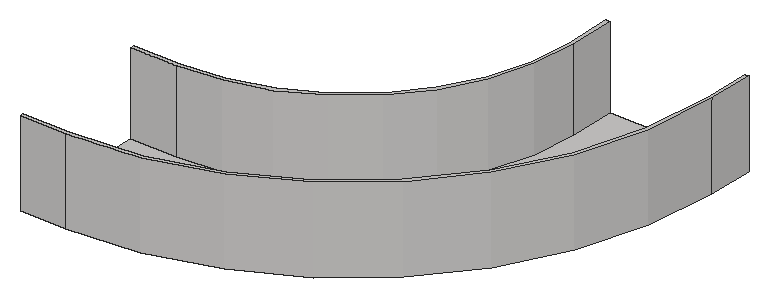
Revit family "Cable_Tray_Fitting-Solid_Tray-OBO_Bettermann-Channel_Horizontal_Bend-MKS_Magic", category Cable Tray Fittings, Revit 2012
Parameters (values of type "Hot Dipped Galvanised")
  URL = "http://www.obo-bettermann.com/"
  Type Comments = ""
  Tray Width [instance] = 100 mm
  Tray Height [instance] = 60 mm
  Tray Length [instance] = 31.75 mm
  built-in parameter 1140111 [instance] = 0.0084635 (stored number, unit not read)
  Product Page URL = "http://catalog2.obo-bettermann.com/catalogue/catalogue.do?favOid=kts_315277&act=showIO&lang=en&action=start&catId=KTS&forward=showSolutionView"
  Product Documentation Link = ""
  Pre Galvanized = no
  Model = "MKS-Magic"
  Manufacturer = "OBO Bettermann"
  Description = "Solid Cable tray"
  Connector Description 2 = "Connector for Cable Tray 2"  # constant formula
  Connector Description = "Connector for Cable Tray 1"  # constant formula
  Classification = "Refer to online Catalog for UL and cUL classifed sizes and wire sizes."
  Center to End [instance] = Bend Radius Label * tan(Angle / 2) + Tray Length  # 234.15 mm
  Cable Tray Material = Metal - OBO Bettermann - Hot-Dipped-Galvanised
  Bend Radius Label [instance] = if(Bend Radius_x > 3.175 mm, Bend Radius_x + Tray Width / 2, Tray Width / 2 + 3.175 mm)  # 202.4 mm
  Bend Radius_x [instance] = 152.4 mm
  Assembly Code = "D5030600"
  Angle [instance] = 90.00°
Types (2, lengths in mm): name | Cable Tray Material
  Hot Dipped Galvanised | Metal - OBO Bettermann - Hot-Dipped-Galvanised
  Stripped Galvanised | Metal - OBO Bettermann - Strip-Galvanised
Reference planes
  plane 1 "Center (Front/Back)": y = 0
  plane 2: z = 0
  plane 3 "Center (Left/Right)": x = 0
  plane 4: y = 202.4
  plane 5: x = -234.15
  plane 6: x = -202.4
Forms (mm)
  Sweep 1, solid, material "Metal - OBO Bettermann - Hot-Dipped-Galvanised" <- "Cable Tray Material", detail levels medium
    path in 3D
      loop
        line (-234.15, 0, 0) -> (-202.4, 0, 0)
        arc (-202.4, 0, 0) -> (-59.282, 59.282, 0) -> (0, 202.4, 0) r 202.4
        line (0, 202.4, 0) -> (0, 234.15, 0)
    profile "Cable Tray - Channel 2 : Channel" origin (-218.275, 0, 0) x (0, 1, 0) y (0, 0, 1)
      loop
        line (-50, 30) -> (-50, -30) -> (50, -30) -> (50, 30) -> (-50, 30)
  Sweep 2, solid, material "Metal - OBO Bettermann - Hot-Dipped-Galvanised" <- "Cable Tray Material", detail levels fine
    path in 3D
      loop
        line (-234.15, 0, 0) -> (-202.4, 0, 0)
        arc (-202.4, 0, 0) -> (-59.282, 59.282, 0) -> (0, 202.4, 0) r 202.4
        line (0, 202.4, 0) -> (0, 234.15, 0)
    profile "Cable Tray - Channel 1 : Channel" origin (-218.275, 0, 0) x (0, 1, 0) y (0, 0, 1)
      loop
        line (-50, 30) -> (-50, -30) -> (50, -30) -> (50, 30) -> (47.42, 30) -> (47.42, -27.42) -> (-47.42, -27.42) -> (-47.42, 30) -> (-50, 30)
Lines and regions (mm)
  model lines, style "Coarse View", detail levels coarse
    curve 1: arc (-202.4, 0, 0) -> (-59.282, 59.282, 0) -> (0, 202.4, 0) r 202.4
    curve 2: line (-234.15, 0, 0) -> (-202.4, 0, 0)
    curve 3: line (0, 202.4, 0) -> (0, 234.15, 0)
  sketch lines
    curve 4: line (-234.15, 0, 0) -> (-202.4, 0, 0)
    curve 5: arc (-202.4, 0, 0) -> (-59.282, 59.282, 0) -> (0, 202.4, 0) r 202.4
    curve 6: line (0, 202.4, 0) -> (0, 234.15, 0)
    curve 7: line (-234.15, 0, 0) -> (-202.4, 0, 0)
    curve 8: arc (-202.4, 0, 0) -> (-59.282, 59.282, 0) -> (0, 202.4, 0) r 202.4
    curve 9: line (0, 202.4, 0) -> (0, 234.15, 0)
Dimensions and locks
  "Bend Radius Label": plane 4 to plane 1 "Center (Front/Back)"
  "Center to End": plane 5 to plane 3 "Center (Left/Right)"
  "Tray Length": plane 5 to plane 6
  "Tray Length": curve 3 to curve 3
  "Bend Radius Label": radius of curve 1
  "Angle": angle curve 1 to curve 1
  "Angle": angle plane 1 "Center (Front/Back)" to curve 3
  aligned and locked: plane 6 to curve 1
  aligned and locked: plane 4 to curve 1
  aligned and locked: plane 5 to curve 2
  aligned and locked: plane 6 to curve 2
  aligned and locked: plane 1 "Center (Front/Back)" to curve 2
Connectors
  cabletrayconduit at (-234.15, 0, 0), driven by "Tray Height", driven by "Tray Width", driven by "Angle", driven by "Connector Description"
    settings: on Sweep 1, index 1, connector width 100 mm, connector height 60 mm, connector radius 304.8 mm, connector angle 90.00°, system type 32, placement type 0, profile type 1, connector reference index 2, is primary connector yes, connector utility param no, connector description "Connector for Cable Tray 1"
  cabletrayconduit at (0, 234.15, 0), driven by "Tray Height", driven by "Tray Width", driven by "Angle", driven by "Connector Description 2"
    settings: on Sweep 1, index 2, connector width 100 mm, connector height 60 mm, connector radius 304.8 mm, connector angle 90.00°, system type 32, placement type 0, profile type 1, connector reference index 1, is primary connector no, connector utility param no, connector description "Connector for Cable Tray 2"
